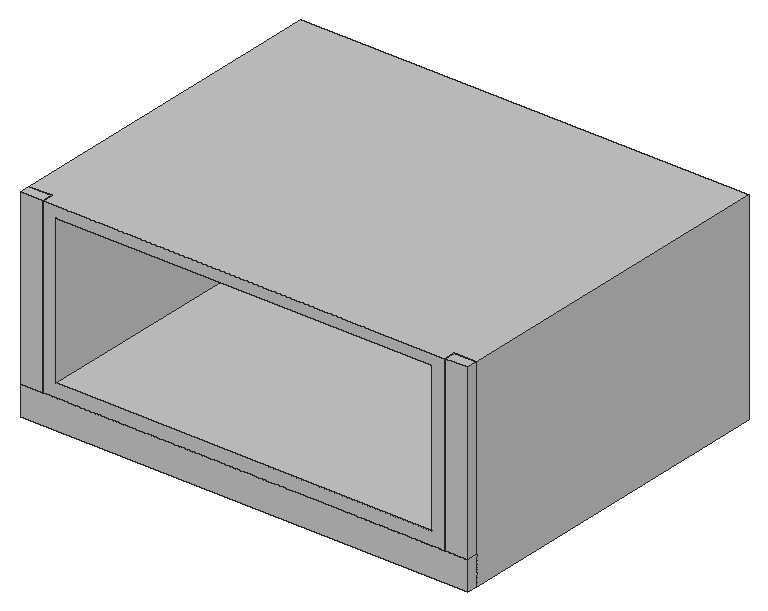
Revit family "QF_ELECTROLUXPROFESSIONAL_588638_MB1MCAJOOO", category Attrezzature speciali, Revit 2020
Family settings
  Quota connettore circolare = Usa diametro
  Tipo di parte = Normale
  Basato su piano di lavoro = No
  Sempre verticale = Sì
  Taglio con vuoti quando caricato = No
  Condiviso = No
  Punto di calcolo locali = No
Parameters (values of type "Standard")
  Weight = 23.00 kg
  Watts = 0 W
  Volts = 0 V
  URL Manufacturer = "https://www.electroluxprofessional.com/"
  URL = "https://www.electroluxprofessional.com/"
  Steam Supply Size = 0"
  Steam Supply Minimum Pressure = 0.00 psi
  Steam Supply Maximum Pressure = 0.00 psi
  Steam Consumption per Hour = 0
  Refrigeration Suction Line Size = 0 mm
  Refrigeration Liquid Line Size = 0 mm
  Refrigerant Compressor Remote = yes
  Prospetto di default = 0 mm
  Phase = 0
  Modello = "MB1MCAJOOO"
  Produttore = "Electrolux Professional"
  Length Actual = 1000 mm  # constant formula
  Item Number = "588638"
  Hot Water Size = 0"
  Height Actual = 450 mm  # constant formula
  HP = "0 HP"
  Gas Size = 0"
  Gas KW = 0
  Gas Input Pressure = 0.0 Btu/h
  Direct Waste Size = 0"
  Descrizione = "OPEN BASE,1-SIDE,1000X850X450H"
  Depth Actual = 850 mm  # constant formula
  Cycle = 0 Hz
  Condensate Return Size = 0"
  Compressed Air Volume = 0 GPM
  Compressed Air Size = 0"
  Compressed Air Pressure = 0.00 psi
  Cold Water Size = 0"
  Accessory = yes
Reference planes
  plane 1 "BACK": y = 0
  plane 2: z = 0
  plane 3 "LEFT": x = 0
  plane 4 "RIGHT": x = 1000
  plane 5 "FRONT": y = -850
  plane 6 "PLAIN": z = 900
  plane 7 "Center (Left/Right)": x = 500
  plane 8 "Center (Front/Back)": y = -425
  plane 9 "TOP": z = 650
  plane 10 "BASE": z = 200
  plane 11: x = 922
  plane 12: x = 78
  plane 13 "Feet_back": y = -150
  plane 14 "Feet_Front": y = -720
  plane 15: x = 50
  plane 16: x = 950
  plane 17: z = 265
  plane 18: y = -45
  plane 19: y = -805
  plane 20: y = -70
  plane 21: y = -830
Forms (mm)
  Extrusion 1, solid, material "QF_Finishes_Stainless Steel"
    sketch origin (0, 0, 650) x (0, 1, 0) y (0, 0, 1)
      loop
        line (-45, -450) -> (-45, 0) -> (-805, 0) -> (-805, -450) -> (-45, -450)
    from 0 to 1000
  Extrusion 2, solid, material "QF_Finishes_Stainless Steel"
    sketch origin (0, 0, 650) x (0, 1, 0) y (0, 0, 1)
      loop
        line (-830, -450) -> (-805, -450) -> (-805, -385) -> (-830, -385) -> (-830, -450)
    from 0 to 1000
  Extrusion 3, void
    sketch origin (0, -850, 0) x (1, 0, 0) y (0, 0, 1)
      loop
        line (50, 650) -> (50, 265) -> (950, 265) -> (950, 650) -> (50, 650)
    from 0 to -780
  Extrusion 4, solid, material "QF_Finishes_Stainless Steel"
    sketch origin (0, -850, 0) x (1, 0, 0) y (0, 0, 1)
      loop
        line (80, 650) -> (80, 627) -> (920, 627) -> (920, 650) -> (80, 650)
    from -20 to -805
  Extrusion 5, solid, material "QF_Finishes_Stainless Steel"
    sketch origin (0, -850, 0) x (1, 0, 0) y (0, 0, 1)
      loop
        line (50, 650) -> (50, 265) -> (950, 265) -> (950, 650) -> (920, 650) -> (920, 295) -> (80, 295) -> (80, 650) -> (50, 650)
    from -20 to -780
  Extrusion 6, solid, material "QF_Finishes_Stainless Steel"
    sketch origin (0, -850, 0) x (1, 0, 0) y (0, 0, 1)
      loop
        line (0, 650) -> (0, 265) -> (50, 265) -> (50, 650) -> (0, 650)
    from -20 to -45
  Extrusion 7, solid, material "QF_Finishes_Stainless Steel"
    sketch origin (0, -850, 0) x (1, 0, 0) y (0, 0, 1)
      loop
        line (950, 650) -> (950, 265) -> (1000, 265) -> (1000, 650) -> (950, 650)
    from -20 to -45
Cuts and joins
  Extrusion 3 cuts Extrusion 1
  joined: Extrusion 1, Extrusion 4, Extrusion 5
Lines and regions (mm)
  symbolic lines, style "SpecialityEquipmentHiddenLines"
    curve 1: line (0, 0, 0) -> (1000, 0, 0)
    curve 2: line (0, -850, 0) -> (0, 0, 0)
    curve 3: line (1000, -850, 0) -> (0, -850, 0)
    curve 4: line (1000, 0, 0) -> (1000, -850, 0)
Dimensions and locks
  plane 3 "LEFT" to plane 4 "RIGHT" = 1000 mm
  plane 5 "FRONT" to plane 1 "BACK" = 850 mm
  equal spacing: plane 3 "LEFT", plane 7 "Center (Left/Right)", plane 4 "RIGHT"
  equal spacing: plane 5 "FRONT", plane 8 "Center (Front/Back)", plane 1 "BACK"
  plane 6 "PLAIN" to plane 9 "TOP" = 250 mm
  plane 10 "BASE" to level = 200 mm
  plane 9 "TOP" to plane 10 "BASE" = 450 mm
  locked: plane 1 "BACK" to plane 13 "Feet_back" at 150
  locked: plane 14 "Feet_Front" to plane 5 "FRONT" at 130
  locked: plane 12 to plane 3 "LEFT" at 78
  locked: plane 11 to plane 4 "RIGHT" at 78
  plane 16 to plane 15 = 900 mm
  equal spacing: plane 16, plane 7 "Center (Left/Right)", plane 15
  locked: plane 17 to plane 10 "BASE" at 65
  locked: plane 1 "BACK" to plane 18 at 45
  plane 9 "TOP" to Extrusion 4 sketch curve = 23 mm
  locked: Extrusion 4 sketch curve to plane 15 at 30
  locked: plane 16 to Extrusion 4 sketch curve at 30
  locked: Extrusion 5 sketch curve to plane 17 at 30
  plane 6 "PLAIN" to level = 900 mm
  Extrusion 5 to Extrusion 5 = 840 mm
  locked: plane 18 to plane 20 at 25
  locked: plane 21 to plane 5 "FRONT" at 20
  locked: plane 19 to plane 21 at 25
  plane 18 to plane 21 = 785 mm
  aligned and locked: level to plane 2
  aligned and locked: Extrusion 1 to plane 4 "RIGHT"
  aligned and locked: Extrusion 1 to plane 3 "LEFT"
  aligned and locked: Extrusion 2 to plane 4 "RIGHT"
  aligned and locked: plane 9 "TOP" to Extrusion 3 sketch curve
  aligned and locked: Extrusion 3 sketch curve to plane 15
  aligned and locked: plane 16 to Extrusion 3 sketch curve
  aligned and locked: Extrusion 2 to plane 10 "BASE"
  aligned and locked: Extrusion 2 to plane 17
  aligned and locked: plane 17 to Extrusion 3 sketch curve
  aligned and locked: Extrusion 4 to plane 18
  aligned and locked: Extrusion 5 sketch curve to plane 15
  aligned and locked: plane 16 to Extrusion 5 sketch curve
  aligned and locked: plane 9 "TOP" to Extrusion 5 sketch curve  (x2)
  aligned and locked: plane 17 to Extrusion 5 sketch curve
  aligned and locked: Extrusion 5 sketch curve to Extrusion 4  (x2)
  aligned and locked: Extrusion 6 sketch curve to plane 9 "TOP"
  aligned and locked: plane 3 "LEFT" to Extrusion 6 sketch curve
  aligned and locked: Extrusion 6 sketch curve to plane 17
  aligned and locked: Extrusion 6 sketch curve to plane 15
  aligned and locked: Extrusion 7 sketch curve to plane 9 "TOP"
  aligned and locked: plane 16 to Extrusion 7 sketch curve
  aligned and locked: Extrusion 7 sketch curve to plane 17
  aligned and locked: plane 4 "RIGHT" to Extrusion 7 sketch curve
  aligned and locked: Extrusion 5 to plane 20
  aligned and locked: cut or joined group of Extrusion 1, Extrusion 3, Extrusion 4, Extrusion 5 to plane 20
  aligned and locked: cut or joined group of Extrusion 1, Extrusion 3, Extrusion 4, Extrusion 5 to plane 18
  aligned and locked: Extrusion 6 to plane 19
  aligned and locked: plane 21 to Extrusion 6
  aligned and locked: plane 21 to Extrusion 5
  aligned and locked: plane 21 to Extrusion 7
  aligned and locked: Extrusion 7 to plane 19
  aligned and locked: Extrusion 2 to plane 19
  aligned and locked: plane 21 to Extrusion 2
  aligned and locked: plane 21 to cut or joined group of Extrusion 1, Extrusion 3, Extrusion 4, Extrusion 5
Automatic sketch dimensions
  Extrusion 1 sketch curve to plane 10 "BASE" = 0 mm
  Extrusion 1 sketch curve to plane 9 "TOP" = 0 mm
  plane 1 "BACK" to Extrusion 1 sketch curve = 45 mm
  Extrusion 1 sketch curve to plane 5 "FRONT" = 45 mm
  Extrusion 2 sketch curve to plane 5 "FRONT" = 20 mm
  Extrusion 2 sketch curve to plane 9 "TOP" = 385 mm
  plane 10 "BASE" to Extrusion 2 sketch curve = 0 mm
  Extrusion 2 sketch curve to plane 5 "FRONT" = 45 mm
  Extrusion 4 sketch curve to plane 9 "TOP" = 0 mm
  curve 3 to plane 3 "LEFT" = 0 mm
  curve 3 to plane 4 "RIGHT" = 0 mm
  plane 5 "FRONT" to curve 3 = 0 mm
  plane 1 "BACK" to curve 2 = 0 mm
